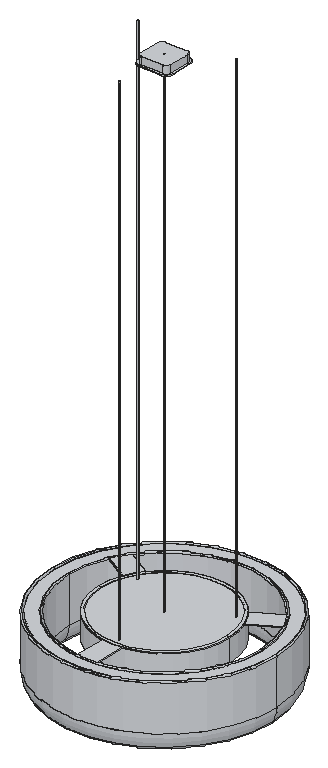
Revit family "BuzziSpace - BuzziJet", category Lighting Fixtures, host Ceiling, Revit 2019
Family settings
  Host = Ceiling
  Round Connector Dimension = Use Diameter
  Part Type = Normal
  OmniClass Number = 23.80.70.11
  OmniClass Title = Luminaries for Internal Lighting
  Always vertical = Yes
  Cut with Voids When Loaded = No
  Light Source = Yes
  Shared = No
  Room Calculation Point = No
Parameters (values of type "Small")
  Wattage = 12.1178 W
  built-in parameter 1150110 = 1 (stored number, unit not read)
  URL = "https://www.buzzi.space/acoustic-solutions/buzzijet"
  built-in parameter 1114217 = 1 (stored number, unit not read)
  built-in parameter 1150109 = 1 (stored number, unit not read)
  built-in parameter 1150134 = (empty or 0)
  Suspension Length Control [instance] = if(Ceiling Mounted, Shade Height + 1 cm, Suspension Length)  # 200 cm
  Suspension Length [instance] = 200 cm
  Suspended [instance] = not(Ceiling Mounted)  # yes
  built-in parameter 1150113 = 1 (stored number, unit not read)
  Support Radius = 39 cm
  Support Mid Radius = 34.5 cm
  Straight Control [instance] = or(and(Suspended, Straight), not(Split), Shade Diameter > 119 cm)  # yes
  Straight [instance] = not(Split)  # yes
  Split Control [instance] = and(Suspended, Split, Shade Diameter < 120 cm)  # no
  Split [instance] = no
  Shade Diameter = 80 cm
  Shade = none
  Shade Height = 22.5 cm
  Model = "BuzziJet"
  Manufacturer = "BuzziSpace"  # constant formula
  Lumens = 1800 lm
  built-in parameter 1150115 = 1 (stored number, unit not read)
  built-in parameter 1150105 = 143.24 (stored number, unit not read)
  Light Source Symbol Size = 60.96 cm
  built-in parameter 1150137 = (empty or 0)
  built-in parameter 1150139 = (empty or 0)
  Lens [instance] = none
  built-in parameter 1150112 = 1 (stored number, unit not read)
  built-in parameter 1150114 = 1 (stored number, unit not read)
  built-in parameter 1150132 = 2
  built-in parameter 1150102 = (empty or 0)
  built-in parameter 1150138 = (empty or 0)
  built-in parameter 1150107 = 3000 (stored number, unit not read)
  built-in parameter 1150106 = 1.4324 (stored number, unit not read)
  Fixing System [instance] = none
  built-in parameter 1150104 = 13.8 (stored number, unit not read)
  Dimming Lamp Color Temperature Shift = <None>
  Cord Position = 20 cm
  Color Filter = 16777215
  Ceiling Mounted [instance] = no
  built-in parameter 1114218 = 1 (stored number, unit not read)
  built-in parameter 1150133 = 10 (stored number, unit not read)
Types (4, lengths in cm): name | Support Radius | Support Mid Radius | Shade Diameter | Shade Height | Cord Position
  Small | 39 | 34.5 | 80 | 22.5 | 20
  Medium | 39.0294 | 34.5294 | 80 | 45 | 20
  XL | 39.0294 | 34.5294 | 120 | 52.5 | 30
  XXL | 74 | 69.5 | 150 | 60 | 45
Reference planes (cm)
  plane 1 "Light Source Axis (F/B)": y = 0
  plane 2 "Ceiling": z = 243.84
  plane 3 "Light Source Axis (L/R)": x = 0
  plane 4 "Light Source Elevation": z = 58.2413
  plane 5: z = 43.84
  plane 6: z = 66.34
  plane 7: z = 109.0372
  plane 8: through (0, 0, 121.92) normal (-0.5, -0.866, 0)
  plane 9: through (0, 0, 121.92) normal (-0.5, 0.866, 0)
Forms (cm)
  Extrusion 1, solid, material <- "Fixing System", visible <- "Suspended"
    sketch origin (0, 0, 0) x (1, 0, 0) y (0, 1, 0)
      loop
        circle (0, 0) r 0.1588
    from 109.0372 to 243.84
  Extrusion 2, solid, material <- "Fixing System", visible <- "Straight Control"
    sketch origin (-17.3328, 10.0199, 0) x (1, 0, 0) y (0, 1, 0)
      loop
        circle (-0.1015, 0.0576) r 0.1848
    from 66.34 to 243.84
  Extrusion 3, solid, material <- "Fixing System", visible <- "Straight Control"
    sketch origin (17.6574, 9.6328, 0) x (-1, 0, 0) y (0, -1, 0)
      loop
        circle (0.218, -0.4358) r 0.1848
    from 66.34 to 243.84
  Extrusion 4, solid, material <- "Fixing System", visible <- "Straight Control"
    sketch origin (0.1241, -19.9283, 0) x (-1, 0, 0) y (0, -1, 0)
      loop
        circle (0.1241, 0.0717) r 0.1848
    from 66.34 to 243.84
  Extrusion 5, solid, material <- "Fixing System"
    sketch origin (0, 0, 243.84) x (1, 0, 0) y (0, 1, 0)
      loop
        line (3.717, 6.2537) -> (-3.783, 6.2537)
        arc (-3.783, 6.2537) -> (-5.5508, 5.5215) -> (-6.283, 3.7537) r 2.5
        line (-6.283, 3.7537) -> (-6.283, -3.7463)
        arc (-6.283, -3.7463) -> (-5.5508, -5.5141) -> (-3.783, -6.2463) r 2.5
        line (-3.783, -6.2463) -> (3.717, -6.2463)
        arc (3.717, -6.2463) -> (5.4847, -5.5141) -> (6.217, -3.7463) r 2.5
        line (6.217, -3.7463) -> (6.217, 3.7537)
        arc (6.217, 3.7537) -> (5.4847, 5.5215) -> (3.717, 6.2537) r 2.5
    from -2.69 to -2.54
  Extrusion 6, solid, material <- "Fixing System"
    sketch origin (0, 0, 243.84) x (1, 0, 0) y (0, 1, 0)
      loop
        line (3.717, 5.2537) -> (-3.783, 5.2537)
        arc (-3.783, 5.2537) -> (-4.8437, 4.8144) -> (-5.283, 3.7537) r 1.5
        line (-5.283, 3.7537) -> (-5.283, -3.7463)
        arc (-5.283, -3.7463) -> (-4.8437, -4.807) -> (-3.783, -5.2463) r 1.5
        line (-3.783, -5.2463) -> (3.717, -5.2463)
        arc (3.717, -5.2463) -> (4.7776, -4.807) -> (5.217, -3.7463) r 1.5
        line (5.217, -3.7463) -> (5.217, 3.7537)
        arc (5.217, 3.7537) -> (4.7776, 4.8144) -> (3.717, 5.2537) r 1.5
    from -2.54 to 0
  Extrusion 7, solid, material <- "Fixing System", visible <- "Straight Control"
    sketch origin (0, 0, 0) x (1, 0, 0) y (0, 1, 0)
      loop
        circle (0, 0) r 0.1588
    from 66.34 to 109.0372
Dimensions and locks (cm)
  equal spacing: host sketch curve, plane 3 "Light Source Axis (L/R)", host sketch curve
  equal spacing: host sketch curve, plane 1 "Light Source Axis (F/B)", host sketch curve
  host sketch curve to host sketch curve = 304.8 cm  (x2)
  "Shade Height": plane 6 to plane 5
  locked: plane 6 to plane 4 "Light Source Elevation" at 8.0987
  locked: plane 7 to plane 6 at 42.6972
  "Suspension Length Control": plane 2 "Ceiling" to plane 5
  "Cord Position": Extrusion 3 sketch curve to Extrusion 1
  "Cord Position": Extrusion 2 sketch curve to Extrusion 1
  "Cord Position": Extrusion 4 sketch curve to nested 1
  aligned and locked: plane 3 "Light Source Axis (L/R)" to imposter light
  aligned and locked: plane 1 "Light Source Axis (F/B)" to imposter light
  aligned and locked: plane 4 "Light Source Elevation" to imposter light
  aligned and locked: plane 6 to nested 1
  aligned and locked: plane 2 "Ceiling" to Extrusion 1
  aligned and locked: Extrusion 1 to plane 7
  aligned and locked: plane 6 to Extrusion 2
  aligned and locked: plane 6 to Extrusion 4
  aligned and locked: plane 6 to Extrusion 3
  aligned and locked: nested 1 to Extrusion 4 sketch curve
  aligned and locked: nested 1 to imposter light
  aligned and locked: nested 1 to Extrusion 2 sketch curve
  aligned and locked: plane 9 to Extrusion 3 sketch curve
  aligned and locked: plane 7 to Extrusion 7
  aligned and locked: plane 6 to Extrusion 7
Automatic sketch dimensions
  plane 3 "Light Source Axis (L/R)" to Extrusion 1 sketch curve = 0 cm
  plane 1 "Light Source Axis (F/B)" to Extrusion 1 sketch curve = 0 cm
  Extrusion 5 sketch curve to plane 3 "Light Source Axis (L/R)" = 6.283 cm
  Extrusion 5 sketch curve to Extrusion 5 sketch curve = 2.5 cm  (x4)
  plane 3 "Light Source Axis (L/R)" to Extrusion 5 sketch curve = 3.717 cm
  plane 1 "Light Source Axis (F/B)" to Extrusion 5 sketch curve = 6.2463 cm
  Extrusion 5 sketch curve to plane 1 "Light Source Axis (F/B)" = 3.7537 cm
  Extrusion 6 sketch curve to plane 3 "Light Source Axis (L/R)" = 5.283 cm
  Extrusion 6 sketch curve to Extrusion 6 sketch curve = 1.5 cm  (x3)
  plane 3 "Light Source Axis (L/R)" to Extrusion 6 sketch curve = 3.717 cm  (x2)
  plane 1 "Light Source Axis (F/B)" to Extrusion 6 sketch curve = 5.2463 cm
  Extrusion 6 sketch curve to plane 1 "Light Source Axis (F/B)" = 3.7537 cm
  plane 1 "Light Source Axis (F/B)" to Extrusion 7 sketch curve = 0 cm
  Extrusion 7 sketch curve to plane 3 "Light Source Axis (L/R)" = 0 cm
  radius of Extrusion 1 sketch curve = 0.1588 cm
  radius of Extrusion 7 sketch curve = 0.1588 cm
  radius of Extrusion 2 sketch curve = 0.1848 cm
  radius of Extrusion 3 sketch curve = 0.1848 cm
  radius of Extrusion 4 sketch curve = 0.1848 cm
Nested families (cm)
  nested 1: "BuzziJet Shade" at (0, 0, 43.84), type "BuzziJet Shade"
Definition of nested family "BuzziJet Shade"
  Parameters (values of type "BuzziJet Shade")
    Support Radius = (Shade Diameter / 2) - 1 cm  # 39 cm
    Support Mid Radius = Support Radius - 4.5 cm  # 34.5 cm
    Support Inside Radius = 23.27 cm  # constant formula
    Split = no
    Shade Height = 22.5 cm
    Shade Frame = none
    Shade Diameter = 80 cm
    Shade Cord = none
    Shade = none
    Lens = none
  Reference planes (cm)
    plane 1 "Center (Front/Back)": y = 0
    plane 2: z = 0
    plane 3 "Center (Left/Right)": x = 0
    plane 4: z = 22.5
    plane 5 "2D": z = 22.5
    plane 6: z = 22.2
    plane 7: z = 14.4013
    plane 8: z = 14.6393
    plane 9 "a": through (-0.3684, 0.2245, 121.92) normal (-0.5, -0.866, 0)
    plane 10 "b": through (0.3684, 0.2245, 121.92) normal (-0.5, 0.866, 0)
    plane 11: z = 62.4309
    plane 12: z = 66.5421
    plane 13: x = 40
    plane 14: x = 39.236
    plane 15: x = 34.744
    plane 16: x = 33.98
    plane 17: x = -40
  Forms (cm)
    Revolve 1, solid, material <- "Shade"
      sketch origin (0, 0, 0) x (1, 0, 0) y (0, 0, 1)
        loop
          arc (40, 22.118) -> (39.8881, 22.3881) -> (39.618, 22.5) r 0.382
          arc (39.618, 22.5) -> (39.3479, 22.3881) -> (39.236, 22.118) r 0.382
          line (39.236, 22.118) -> (39.236, 5.9943)
          arc (39.236, 5.9943) -> (38.9154, 3.5485) -> (37.9753, 1.2679) r 9.4905
          arc (37.9753, 1.2679) -> (36.9462, 0.681) -> (35.9326, 1.2943) r 1.1693
          arc (35.9326, 1.2943) -> (35.0457, 3.5704) -> (34.744, 5.9943) r 9.8867
          line (34.744, 5.9943) -> (34.744, 22.118)
          arc (34.744, 22.118) -> (34.6321, 22.3881) -> (34.362, 22.5) r 0.382
          arc (34.362, 22.5) -> (34.0919, 22.3881) -> (33.98, 22.118) r 0.382
          line (33.98, 22.118) -> (33.98, 5.9943)
          arc (33.98, 5.9943) -> (34.287, 3.4555) -> (35.1904, 1.063) r 10.6507
          arc (35.1904, 1.063) -> (36.9379, -0.0108) -> (38.7119, 1.0185) r 2
          arc (38.7119, 1.0185) -> (39.6727, 3.4244) -> (40, 5.9943) r 10.2545
          line (40, 5.9943) -> (40, 22.118)
        axis (0, 1.0185) -> (0, 22.5)
      angle from 0 to 360
    Extrusion 2, solid, material <- "Shade Frame"
      sketch origin (0, 0, 0) x (1, 0, 0) y (0, 1, 0)
        loop
          circle (0, 0) r 39
        loop
          circle (0, 0) r 34.5
      from 14.4013 to 22.2
    Extrusion 3, solid, material <- "Lens"
      sketch origin (0, 0, 0) x (1, 0, 0) y (0, 1, 0)
        loop
          circle (-0.0194, 0.0006) r 22.275
      from 14.6393 to 14.4013
    Extrusion 4, solid, material <- "Shade Frame"
      sketch origin (0, 0, 0) x (1, 0, 0) y (0, 1, 0)
        loop
          line (-18.1667, 14.5418) -> (-80.3906, 50.4646)
          arc (-80.3906, 50.4646) -> (-82.1967, 47.466) -> (-83.8911, 44.4027) r 94.9174
          line (-83.8911, 44.4027) -> (-21.6694, 8.4812)
          arc (-21.6694, 8.4812) -> (-20.1472, 11.644) -> (-18.1667, 14.5418) r 23.27
        loop
          arc (18.1667, 14.5418) -> (20.1472, 11.644) -> (21.6694, 8.4812) r 23.27
          line (21.6694, 8.4812) -> (83.8911, 44.4027)
          arc (83.8911, 44.4027) -> (82.1967, 47.466) -> (80.3906, 50.4646) r 94.9174
          line (80.3906, 50.4646) -> (18.1667, 14.5418)
        loop
          arc (3.5103, -23.0037) -> (0.0104, -23.27) -> (-3.4897, -23.0068) r 23.27
          line (-3.4897, -23.0068) -> (-3.4896, -117.9484)
          arc (-3.4896, -117.9484) -> (0.0104, -118) -> (3.5104, -117.9478) r 118
          line (3.5104, -117.9478) -> (3.5103, -23.0037)
      from 22.2 to 22.5
    Extrusion 5, solid, material <- "Shade Frame"
      sketch origin (0, 0, 0) x (1, 0, 0) y (0, 1, 0)
        loop
          circle (0, 0) r 23.27
      from 22.2 to 22.5
    Sweep 6, solid, material <- "Shade Cord", visible <- "Split"
      path origin (0, 0, 0) x (0, 1, 0) y (0, 0, 1)
        loop
          line (-20.0189, 22.3663) -> (0.0006, 62.8727)
      profile origin (0, -10.0091, 42.6195) x (0, -0.896486, 0.443071) y (1, 0, 0)
        loop
          circle (-0.0554, 0.007) r 0.0794
    Sweep 7, solid, material <- "Shade Cord", visible <- "Split"
      path origin (0, 0, 0) x (0.866025, -0.5, 0) y (0, 0, 1)
        loop
          line (-20.0189, 22.3663) -> (0.0006, 62.8727)
      profile origin (-8.6682, 5.0046, 42.6195) x (-0.77638, 0.448243, 0.443071) y (-0.5, -0.866025, 0)
        loop
          circle (-0.0554, 0.0539) r 0.0794
    Sweep 8, solid, material <- "Shade Cord", visible <- "Split"
      path origin (0, 0, 0) x (-0.866025, -0.5, 0) y (0, 0, -1)
        loop
          line (-20.0189, -22.3663) -> (0.0006, -62.8727)
      profile origin (8.6682, 5.0046, 42.6195) x (-0.77638, -0.448243, -0.443071) y (0.5, -0.866025, 0)
        loop
          circle (0.0554, 0.0539) r 0.0794
    Extrusion 9, solid, material <- "Shade Cord", visible <- "Split"
      sketch origin (0, 0, 0) x (1, 0, 0) y (0, 1, 0)
        loop
          circle (0, 0) r 0.1588
      from 62.4309 to 66.5421
    Revolve 10, solid
      sketch origin (0, 0, 0) x (1, 0, 0) y (0, 0, 1)
        loop
          line (-22.2945, 14.4013) -> (-22.2945, 22.5) -> (-23.27, 22.5) -> (-23.27, 14.4013) -> (-22.2945, 14.4013)
        axis (0, 14.4013) -> (0, 22.5)
      angle from 0 to 360
    Extrusion 11, void
      sketch origin (0, 0, 0) x (1, 0, 0) y (0, 1, 0)
        loop
          circle (0, 0) r 160
        loop
          circle (0, 0) r 34.5
      from -22.5205 to 22.5
  Cuts and joins
    Extrusion 11 cuts Extrusion 4
  Lines and regions (cm)
    Masking region 1
      outline origin (0, 0, 22.5) x (0, -1, 0) y (1, 0, 0)
        loop
          circle (0, 0) r 40
  Dimensions and locks (cm)
    "Shade Height": plane 4 to plane 2
    locked: plane 5 "2D" to plane 6 at 0.3
    locked: plane 8 to plane 7 at 0.238
    locked: plane 6 to plane 8 at 7.5607
    locked: plane 11 to plane 5 "2D" at 39.9309
    locked: plane 12 to plane 11 at 4.1112
    locked: plane 16 to plane 15 at 0.764
    locked: plane 14 to plane 13 at 0.764
    locked: plane 15 to plane 14 at 4.492
    equal spacing: plane 13, plane 3 "Center (Left/Right)", plane 17
    "Shade Diameter": plane 13 to plane 17
    "Support Inside Radius": radius of Extrusion 5 sketch curve
    "Support Radius": radius of Extrusion 2 sketch curve
    "Support Mid Radius": radius of Extrusion 2 sketch curve
    "Support Mid Radius": radius of Extrusion 11 sketch curve
    radius of Extrusion 11 sketch curve = 160 cm
    "Shade Diameter": diameter of Masking region 1 sketch curve
    aligned and locked: plane 2 to level
    aligned and locked: plane 4 to Revolve 1 sketch curve  (x2)
    aligned and locked: Extrusion 2 to plane 6
    aligned and locked: plane 7 to Extrusion 2
    aligned and locked: plane 7 to Extrusion 3
    aligned and locked: Extrusion 3 to plane 8
    aligned and locked: plane 4 to plane 5 "2D"
    aligned and locked: plane 6 to Extrusion 5
    aligned and locked: Extrusion 5 to plane 5 "2D"
    aligned and locked: Extrusion 4 to plane 5 "2D"
    aligned and locked: Extrusion 4 to plane 6
    aligned and locked: plane 3 "Center (Left/Right)" to Revolve 1 sketch curve
    aligned and locked: Extrusion 11 to plane 5 "2D"
    aligned and locked: plane 11 to Extrusion 9
    aligned and locked: Extrusion 9 to plane 12
    aligned and locked: plane 13 to Revolve 1 sketch curve
    aligned and locked: plane 14 to Revolve 1 sketch curve
    aligned and locked: plane 15 to Revolve 1 sketch curve
    aligned and locked: plane 16 to Revolve 1 sketch curve
  Automatic sketch dimensions
    Extrusion 3 sketch curve to plane 1 "Center (Front/Back)" = 0.0006 cm
    Extrusion 3 sketch curve to plane 3 "Center (Left/Right)" = 0.0194 cm
    plane 4 to Sweep 6 sketch curve = 0.1337 cm
    plane 1 "Center (Front/Back)" to Sweep 6 sketch curve = 20.0189 cm
    Sweep 6 sketch curve to plane 1 "Center (Front/Back)" = 0.0006 cm
    Sweep 6 sketch curve to plane 4 = 40.3727 cm
    profile plane to Sweep 6 sketch curve = 0.0554 cm
    plane 3 "Center (Left/Right)" to Sweep 6 sketch curve = 0.007 cm
    plane 4 to Sweep 7 sketch curve = 0.1337 cm
    Sweep 7 sketch curve to plane 4 = 40.3727 cm
    Sweep 7 sketch curve to Sweep 7 sketch curve = 20.0195 cm
    profile plane to Sweep 7 sketch curve = 0.0554 cm
    profile plane to Sweep 7 sketch curve = 0.0539 cm
    plane 4 to Sweep 8 sketch curve = 0.1337 cm
    Sweep 8 sketch curve to plane 4 = 40.3727 cm
    Sweep 8 sketch curve to Sweep 8 sketch curve = 20.0195 cm
    Sweep 8 sketch curve to profile plane = 0.0554 cm
    profile plane to Sweep 8 sketch curve = 0.0539 cm
    plane 1 "Center (Front/Back)" to Extrusion 9 sketch curve = 0 cm
    Extrusion 9 sketch curve to plane 3 "Center (Left/Right)" = 0 cm
    Revolve 10 sketch curve to plane 7 = 0 cm
    Revolve 10 sketch curve to plane 4 = 0 cm
    Revolve 10 sketch curve to plane 3 "Center (Left/Right)" = 0 cm
    Revolve 10 sketch curve to plane 3 "Center (Left/Right)" = 22.2945 cm
    Revolve 10 sketch curve to Revolve 10 sketch curve = 0.9755 cm
    plane 7 to Revolve 10 sketch curve = 7 cm
    Revolve 10 sketch curve to plane 4 = 10.9013 cm
    Extrusion 4 sketch curve to Extrusion 4 sketch curve = 0 cm  (x37)
    Extrusion 4 sketch curve to plane 3 "Center (Left/Right)" = 3.4896 cm
    Extrusion 4 sketch curve to plane 3 "Center (Left/Right)" = 3.4897 cm
    Extrusion 4 sketch curve to plane 3 "Center (Left/Right)" = 18.1667 cm
    Extrusion 4 sketch curve to plane 1 "Center (Front/Back)" = 8.4812 cm  (x2)
    Extrusion 4 sketch curve to Extrusion 4 sketch curve = 3.5027 cm  (x2)
    plane 3 "Center (Left/Right)" to Extrusion 4 sketch curve = 3.5103 cm
    plane 3 "Center (Left/Right)" to Extrusion 4 sketch curve = 18.1667 cm
    plane 1 "Center (Front/Back)" to Extrusion 4 sketch curve = 23.0037 cm
    Extrusion 4 sketch curve to Extrusion 4 sketch curve = 6.0619 cm  (x2)
    Extrusion 4 sketch curve to plane 17 = 43.8911 cm
    Extrusion 4 sketch curve to Extrusion 4 sketch curve = 3.5005 cm  (x2)
    Extrusion 4 sketch curve to plane 13 = 43.8911 cm
    Extrusion 4 sketch curve to Extrusion 4 sketch curve = 0.0006 cm
    plane 3 "Center (Left/Right)" to Extrusion 4 sketch curve = 3.5104 cm
    plane 1 "Center (Front/Back)" to Extrusion 4 sketch curve = 0 cm
    Extrusion 4 sketch curve to plane 3 "Center (Left/Right)" = 0 cm
    Revolve 1 sketch curve to Revolve 1 sketch curve = 0 cm  (x11)
    Revolve 1 sketch curve to Revolve 1 sketch curve = 4.2345 cm
    Revolve 1 sketch curve to plane 15 = 2.2174 cm
    Revolve 1 sketch curve to Revolve 1 sketch curve = 0.0018 cm
    Revolve 1 sketch curve to plane 13 = 4.6307 cm
    level to Revolve 1 sketch curve = 5.9943 cm
    level to Revolve 1 sketch curve = 1.989 cm
    Revolve 1 sketch curve to Revolve 1 sketch curve = 0.1388 cm
    Revolve 1 sketch curve to level = 12.7 cm
    plane 11 to Revolve 1 sketch curve = 6.2711 cm
    Extrusion 2 sketch curve to Extrusion 2 sketch curve = 0 cm  (x2)
    plane 1 "Center (Front/Back)" to Extrusion 2 sketch curve = 0 cm
    Extrusion 2 sketch curve to plane 3 "Center (Left/Right)" = 0 cm
    plane 1 "Center (Front/Back)" to Extrusion 5 sketch curve = 0 cm
    Extrusion 5 sketch curve to plane 3 "Center (Left/Right)" = 0 cm
    Extrusion 11 sketch curve to Extrusion 11 sketch curve = 0 cm  (x2)
    plane 1 "Center (Front/Back)" to Extrusion 11 sketch curve = 0 cm
    Extrusion 11 sketch curve to plane 3 "Center (Left/Right)" = 0 cm
    plane 1 "Center (Front/Back)" to Masking region 1 sketch curve = 0 cm
    Masking region 1 sketch curve to plane 3 "Center (Left/Right)" = 0 cm
    radius of Extrusion 3 sketch curve = 22.275 cm
    radius of Sweep 6 sketch curve = 0.0794 cm
    radius of Sweep 7 sketch curve = 0.0794 cm
    radius of Sweep 8 sketch curve = 0.0794 cm
    radius of Extrusion 9 sketch curve = 0.1588 cm
